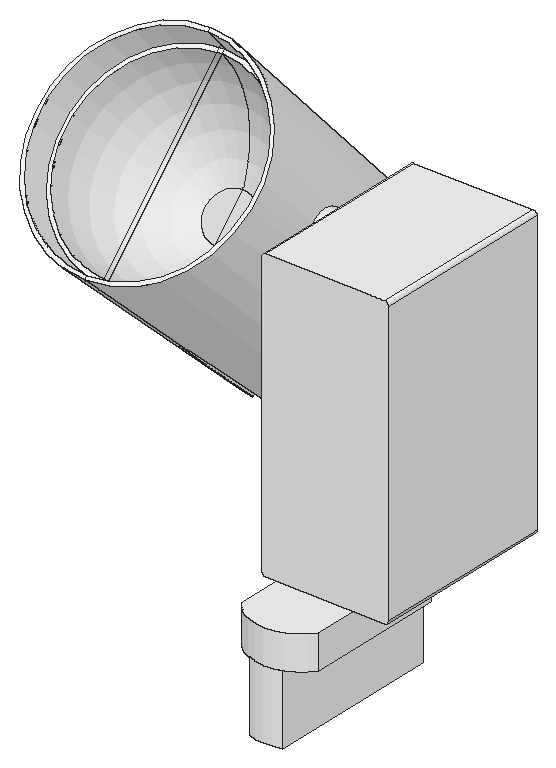
Revit family "0004825 Feilo Sylvania Lighting Fixture START TRACK SPOT S 14W 4K RA80 WB WHITE", category Lighting Fixtures, host Face, Revit 2017 (continued)
Definition of nested family "Start Track Spot Head"
  Types (96, lengths in mm): name | Wattage | built-in parameter 1150134 | Photometric Web File | Model | built-in parameter 1150105 | Lumens | built-in parameter 1150107 | built-in parameter 1150106 | HeadThickness_FEILO | HeadRibOffset_FEILO | HeadRibDepth_FEILO | HeadRibCutWidth_FEILO | HeadRibCutOffset_FEILO | HeadReflectorRadius_FEILO | HeadReflectorOffset_FEILO | HeadLEDRadius_FEILO | HeadHeight_FEILO | HeadDiffusorOffset_FEILO | HeadDiaOut_FEILO | HeadDiaIn_FEILO | HeadAxisFromTop_FEILO | Emit from Circle Diameter | built-in parameter 1150104 | Description | Apparent Load
    0004864 START TRACK SPOT S 24W 3K RA90 WB WHITE | 24 W | (empty or 0) | "0004864.ies" | "START TRACK SPOT S 24W 3K RA90 WB WHITE" | 152.79 (stored number, unit not read) | 1920 lm | 3000 (stored number, unit not read) | 1.5279 (stored number, unit not read) | 1.5 | 4.179 | 55.714 | 7.167 | 50.87 | 50.588 | 55.714 | 9.556 | 117 | 9.435 | 86 | 77.477 | 69.354 | 77.477 | 7.4322 (stored number, unit not read) | "Integrated LED spotlight, Textured White - RAL9016, compact and minimalist design, ideal for retail applications, die-cast aluminium body, passive cooling heatsink. Beam angle: 64°, color temperature: 3000K , total system power: 24W, total fixture output: 1928 lm, LOR: 100%, colour rendering: Ra: 90 typical, LED Chromaticity: 3 step MacAdam ellipse, lifetime: >50000 hours at L70B50, energy class: A++, A+, A, IR/UV free light source without heat radiation, operating voltage: 220-240V / 50-60Hz, drive current: 600mA, electronic driver, non-dimmable, power factor: 0.95, electrical protection: Class II, Global Track 3 Phase adapter suitable for Global trac 3-circuit tracks, ingress protection rating: IP20, suitable for internal environment only, horizontal rotation: 355°, vertical tilt: 90°, dimensions: Ø86x140x200, weight: 0.966kg." | 24 VA
    0004863 START TRACK SPOT S 24W 3K RA90 MB WHITE | 24 W | (empty or 0) | "0004863.ies" | "START TRACK SPOT S 24W 3K RA90 MB WHITE" | 154.7 (stored number, unit not read) | 1944 lm | 3000 (stored number, unit not read) | 1.547 (stored number, unit not read) | 1.5 | 4.179 | 55.714 | 7.167 | 50.87 | 50.588 | 55.714 | 9.556 | 117 | 9.435 | 86 | 77.477 | 69.354 | 77.477 | 7.5251 (stored number, unit not read) | "Integrated LED spotlight, Textured White - RAL9016, compact and minimalist design, ideal for retail applications, die-cast aluminium body, passive cooling heatsink. Beam angle: 36°, color temperature: 3000K , total system power: 24W, total fixture output: 1944 lm, LOR: 100%, colour rendering: Ra: 90 typical, LED Chromaticity: 3 step MacAdam ellipse, lifetime: >50000 hours at L70B50, energy class: A++, A+, A, IR/UV free light source without heat radiation, operating voltage: 220-240V / 50-60Hz, drive current: 600mA, electronic driver, non-dimmable, power factor: 0.95, electrical protection: Class II, Global Track 3 Phase adapter suitable for Global trac 3-circuit tracks, ingress protection rating: IP20, suitable for internal environment only, horizontal rotation: 355°, vertical tilt: 90°, dimensions: Ø86x140x200, weight: 0.966kg." | 24 VA
    0004862 START TRACK SPOT S 24W 3K RA90 NB WHITE | 24 W | (empty or 0) | "0004862.ies" | "START TRACK SPOT S 24W 3K RA90 NB WHITE" | 158.52 (stored number, unit not read) | 1992 lm | 3000 (stored number, unit not read) | 1.5852 (stored number, unit not read) | 1.5 | 4.179 | 55.714 | 7.167 | 50.87 | 50.588 | 55.714 | 9.556 | 117 | 9.435 | 86 | 77.477 | 69.354 | 77.477 | 7.711 (stored number, unit not read) | "Integrated LED spotlight, Textured White - RAL9016, compact and minimalist design, ideal for retail applications, die-cast aluminium body, passive cooling heatsink. Beam angle: 12°, color temperature: 3000K , total system power: 24W, total fixture output: 1987 lm, LOR: 100%, colour rendering: Ra: 90 typical, LED Chromaticity: 3 step MacAdam ellipse, lifetime: >50000 hours at L70B50, energy class: A++, A+, A, IR/UV free light source without heat radiation, operating voltage: 220-240V / 50-60Hz, drive current: 600mA, electronic driver, non-dimmable, power factor: 0.95, electrical protection: Class II, Global Track 3 Phase adapter suitable for Global trac 3-circuit tracks, ingress protection rating: IP20, suitable for internal environment only, horizontal rotation: 355°, vertical tilt: 90°, dimensions: Ø86x140x200, weight: 0.966kg." | 24 VA
    0004861 START TRACK SPOT S 14W 3K RA90 WB WHITE | 14 W | (empty or 0) | "0004861.ies" | "START TRACK SPOT S 14W 3K RA90 WB WHITE" | 100.27 (stored number, unit not read) | 1260 lm | 3000 (stored number, unit not read) | 1.0027 (stored number, unit not read) | 1.5 | 4.179 | 55.714 | 7.167 | 50.87 | 50.588 | 55.714 | 9.556 | 117 | 9.435 | 86 | 77.477 | 69.354 | 77.477 | 8.3613 (stored number, unit not read) | "Integrated LED spotlight, Textured White - RAL9016, compact and minimalist design, ideal for retail applications, die-cast aluminium body, passive cooling heatsink. Beam angle: 64°, color temperature: 3000K , total system power: 14W, total fixture output: 1262 lm, LOR: 100%, colour rendering: Ra: 90 typical, LED Chromaticity: 3 step MacAdam ellipse, lifetime: >50000 hours at L70B50, energy class: A++, A+, A, IR/UV free light source without heat radiation, operating voltage: 220-240V / 50-60Hz, drive current: 350mA, electronic driver, non-dimmable, power factor: 0.92, electrical protection: Class II, Global Track 3 Phase adapter suitable for Global trac 3-circuit tracks, ingress protection rating: IP20, suitable for internal environment only, horizontal rotation: 355°, vertical tilt: 90°, dimensions: Ø86x140x200, weight: 0.940kg." | 14 VA
    0004860 START TRACK SPOT S 14W 3K RA90 MB WHITE | 14 W | (empty or 0) | "0004860.ies" | "START TRACK SPOT S 14W 3K RA90 MB WHITE" | 100.27 (stored number, unit not read) | 1260 lm | 3000 (stored number, unit not read) | 1.0027 (stored number, unit not read) | 1.5 | 4.179 | 55.714 | 7.167 | 50.87 | 50.588 | 55.714 | 9.556 | 117 | 9.435 | 86 | 77.477 | 69.354 | 77.477 | 8.3613 (stored number, unit not read) | "Integrated LED spotlight, Textured White - RAL9016, compact and minimalist design, ideal for retail applications, die-cast aluminium body, passive cooling heatsink. Beam angle: 36°, color temperature: 3000K , total system power: 14W, total fixture output: 1262 lm, LOR: 100%, colour rendering: Ra: 90 typical, LED Chromaticity: 3 step MacAdam ellipse, lifetime: >50000 hours at L70B50, energy class: A++, A+, A, IR/UV free light source without heat radiation, operating voltage: 220-240V / 50-60Hz, drive current: 350mA, electronic driver, non-dimmable, power factor: 0.92, electrical protection: Class II, Global Track 3 Phase adapter suitable for Global trac 3-circuit tracks, ingress protection rating: IP20, suitable for internal environment only, horizontal rotation: 355°, vertical tilt: 90°, dimensions: Ø86x140x200, weight: 0.940kg." | 14 VA
    0004859 START TRACK SPOT S 14W 3K RA90 NB WHITE | 14 W | (empty or 0) | "0004859.ies" | "START TRACK SPOT S 14W 3K RA90 NB WHITE" | 102.5 (stored number, unit not read) | 1288 lm | 3000 (stored number, unit not read) | 1.025 (stored number, unit not read) | 1.5 | 4.179 | 55.714 | 7.167 | 50.87 | 50.588 | 55.714 | 9.556 | 117 | 9.435 | 86 | 77.477 | 69.354 | 77.477 | 8.5471 (stored number, unit not read) | "Integrated LED spotlight, Textured White - RAL9016, compact and minimalist design, ideal for retail applications, die-cast aluminium body, passive cooling heatsink. Beam angle: 12°, color temperature: 3000K , total system power: 14W, total fixture output: 1284 lm, LOR: 100%, colour rendering: Ra: 90 typical, LED Chromaticity: 3 step MacAdam ellipse, lifetime: >50000 hours at L70B50, energy class: A++, A+, A, IR/UV free light source without heat radiation, operating voltage: 220-240V / 50-60Hz, drive current: 350mA, electronic driver, non-dimmable, power factor: 0.92, electrical protection: Class II, Global Track 3 Phase adapter suitable for Global trac 3-circuit tracks, ingress protection rating: IP20, suitable for internal environment only, horizontal rotation: 355°, vertical tilt: 90°, dimensions: Ø86x140x200, weight: 0.940kg." | 14 VA
    0004858 START TRACK SPOT L 55W 4K RA80 WB BLACK | 55 W | 12 | "0004858.ies" | "START TRACK SPOT L 55W 4K RA80 WB BLACK" | 424.55 (stored number, unit not read) | 5335 lm | 4000 (stored number, unit not read) | 4.2455 (stored number, unit not read) | 2 | 4.429 | 59.048 | 9.417 | 53.913 | 66.471 | 59.048 | 12.556 | 124 | 10 | 113 | 101.802 | 73.503 | 101.802 | 9.0116 (stored number, unit not read) | "Integrated LED spotlight, Textured Black - RAL9005, compact and minimalist design, ideal for retail applications, die-cast aluminium body, passive cooling heatsink. Beam angle: 52°, color temperature: 4000K , total system power: 55W, total fixture output: 5320 lm, LOR: 100%, colour rendering: Ra: 80 typical, LED Chromaticity: 3 step MacAdam ellipse, lifetime: >50000 hours at L70B50, energy class: A++, A+, A, IR/UV free light source without heat radiation, operating voltage: 220-240V / 50-60Hz, drive current: 1400mA, electronic driver, non-dimmable, power factor: 0.96, electrical protection: Class II, Global Track 3 Phase adapter suitable for Global trac 3-circuit tracks, ingress protection rating: IP20, suitable for internal environment only, horizontal rotation: 355°, vertical tilt: 90°, dimensions: Ø113x164x240, weight: 1.398kg." | 55 VA
    0004857 START TRACK SPOT L 55W 4K RA80 MB BLACK | 55 W | 12 | "0004857.ies" | "START TRACK SPOT L 55W 4K RA80 MB BLACK" | 428.92 (stored number, unit not read) | 5390 lm | 4000 (stored number, unit not read) | 4.2892 (stored number, unit not read) | 2 | 4.429 | 59.048 | 9.417 | 53.913 | 66.471 | 59.048 | 12.556 | 124 | 10 | 113 | 101.802 | 73.503 | 101.802 | 9.1045 (stored number, unit not read) | "Integrated LED spotlight, Textured Black - RAL9005, compact and minimalist design, ideal for retail applications, die-cast aluminium body, passive cooling heatsink. Beam angle: 38°, color temperature: 4000K , total system power: 55W, total fixture output: 5378 lm, LOR: 100%, colour rendering: Ra: 80 typical, LED Chromaticity: 3 step MacAdam ellipse, lifetime: >50000 hours at L70B50, energy class: A++, A+, A, IR/UV free light source without heat radiation, operating voltage: 220-240V / 50-60Hz, drive current: 1400mA, electronic driver, non-dimmable, power factor: 0.96, electrical protection: Class II, Global Track 3 Phase adapter suitable for Global trac 3-circuit tracks, ingress protection rating: IP20, suitable for internal environment only, horizontal rotation: 355°, vertical tilt: 90°, dimensions: Ø113x164x240, weight: 1.398kg." | 55 VA
    0004856 START TRACK SPOT L 55W 4K RA80 NB BLACK | 55 W | 12 | "0004856.ies" | "START TRACK SPOT L 55W 4K RA80 NB BLACK" | 433.3 (stored number, unit not read) | 5445 lm | 4000 (stored number, unit not read) | 4.333 (stored number, unit not read) | 2 | 4.429 | 59.048 | 9.417 | 53.913 | 66.471 | 59.048 | 12.556 | 124 | 10 | 113 | 101.802 | 73.503 | 101.802 | 9.1974 (stored number, unit not read) | "Integrated LED spotlight, Textured Black - RAL9005, compact and minimalist design, ideal for retail applications, die-cast aluminium body, passive cooling heatsink. Beam angle: 15°, color temperature: 4000K , total system power: 55W, total fixture output: 5426 lm, LOR: 100%, colour rendering: Ra: 80 typical, LED Chromaticity: 3 step MacAdam ellipse, lifetime: >50000 hours at L70B50, energy class: A++, A+, A, IR/UV free light source without heat radiation, operating voltage: 220-240V / 50-60Hz, drive current: 1400mA, electronic driver, non-dimmable, power factor: 0.96, electrical protection: Class II, Global Track 3 Phase adapter suitable for Global trac 3-circuit tracks, ingress protection rating: IP20, suitable for internal environment only, horizontal rotation: 355°, vertical tilt: 90°, dimensions: Ø113x164x240, weight: 1.398kg." | 55 VA
    0004855 START TRACK SPOT L 35W 4K RA80 WB BLACK | 35 W | 12 | "0004855.ies" | "START TRACK SPOT L 35W 4K RA80 WB BLACK" | 320.3 (stored number, unit not read) | 4025 lm | 4000 (stored number, unit not read) | 3.203 (stored number, unit not read) | 2 | 4.429 | 59.048 | 9.417 | 53.913 | 66.471 | 59.048 | 12.556 | 124 | 10 | 113 | 101.802 | 73.503 | 101.802 | 10.684 (stored number, unit not read) | "Integrated LED spotlight, Textured Black - RAL9005, compact and minimalist design, ideal for retail applications, die-cast aluminium body, passive cooling heatsink. Beam angle: 52°, color temperature: 4000K , total system power: 35W, total fixture output: 4010 lm, LOR: 100%, colour rendering: Ra: 80 typical, LED Chromaticity: 3 step MacAdam ellipse, lifetime: >50000 hours at L70B50, energy class: A++, A+, A, IR/UV free light source without heat radiation, operating voltage: 220-240V / 50-60Hz, drive current: 900mA, electronic driver, non-dimmable, power factor: 0.93, electrical protection: Class II, Global Track 3 Phase adapter suitable for Global trac 3-circuit tracks, ingress protection rating: IP20, suitable for internal environment only, horizontal rotation: 355°, vertical tilt: 90°, dimensions: Ø113x164x240, weight: 1.368kg." | 35 VA
    0004854 START TRACK SPOT L 35W 4K RA80 MB BLACK | 35 W | 12 | "0004854.ies" | "START TRACK SPOT L 35W 4K RA80 MB BLACK" | 320.3 (stored number, unit not read) | 4025 lm | 4000 (stored number, unit not read) | 3.203 (stored number, unit not read) | 2 | 4.429 | 59.048 | 9.417 | 53.913 | 66.471 | 59.048 | 12.556 | 124 | 10 | 113 | 101.802 | 73.503 | 101.802 | 10.684 (stored number, unit not read) | "Integrated LED spotlight, Textured Black - RAL9005, compact and minimalist design, ideal for retail applications, die-cast aluminium body, passive cooling heatsink. Beam angle: 38°, color temperature: 4000K , total system power: 35W, total fixture output: 4017 lm, LOR: 100%, colour rendering: Ra: 80 typical, LED Chromaticity: 3 step MacAdam ellipse, lifetime: >50000 hours at L70B50, energy class: A++, A+, A, IR/UV free light source without heat radiation, operating voltage: 220-240V / 50-60Hz, drive current: 900mA, electronic driver, non-dimmable, power factor: 0.93, electrical protection: Class II, Global Track 3 Phase adapter suitable for Global trac 3-circuit tracks, ingress protection rating: IP20, suitable for internal environment only, horizontal rotation: 355°, vertical tilt: 90°, dimensions: Ø113x164x240, weight: 1.368kg." | 35 VA
    0004853 START TRACK SPOT L 35W 4K RA80 NB BLACK | 35 W | 12 | "0004853.ies" | "START TRACK SPOT L 35W 4K RA80 NB BLACK" | 331.44 (stored number, unit not read) | 4165 lm | 4000 (stored number, unit not read) | 3.3144 (stored number, unit not read) | 2 | 4.429 | 59.048 | 9.417 | 53.913 | 66.471 | 59.048 | 12.556 | 124 | 10 | 113 | 101.802 | 73.503 | 101.802 | 11.055 (stored number, unit not read) | "Integrated LED spotlight, Textured Black - RAL9005, compact and minimalist design, ideal for retail applications, die-cast aluminium body, passive cooling heatsink. Beam angle: 15°, color temperature: 4000K , total system power: 35W, total fixture output: 4174 lm, LOR: 100%, colour rendering: Ra: 80 typical, LED Chromaticity: 3 step MacAdam ellipse, lifetime: >50000 hours at L70B50, energy class: A++, A+, A, IR/UV free light source without heat radiation, operating voltage: 220-240V / 50-60Hz, drive current: 900mA, electronic driver, non-dimmable, power factor: 0.93, electrical protection: Class II, Global Track 3 Phase adapter suitable for Global trac 3-circuit tracks, ingress protection rating: IP20, suitable for internal environment only, horizontal rotation: 355°, vertical tilt: 90°, dimensions: Ø113x164x240, weight: 1.368kg." | 35 VA
    0004852 START TRACK SPOT S 24W 4K RA80 WB BLACK | 24 W | 12 | "0004852.ies" | "START TRACK SPOT S 24W 4K RA80 WB BLACK" | 196.72 (stored number, unit not read) | 2472 lm | 4000 (stored number, unit not read) | 1.9672 (stored number, unit not read) | 1.5 | 4.179 | 55.714 | 7.167 | 50.87 | 50.588 | 55.714 | 9.556 | 117 | 9.435 | 86 | 77.477 | 69.354 | 77.477 | 9.569 (stored number, unit not read) | "Integrated LED spotlight, Textured Black - RAL9005, compact and minimalist design, ideal for retail applications, die-cast aluminium body, passive cooling heatsink. Beam angle: 64°, color temperature: 4000K , total system power: 24W, total fixture output: 2476 lm, LOR: 100%, colour rendering: Ra: 80 typical, LED Chromaticity: 3 step MacAdam ellipse, lifetime: >50000 hours at L70B50, energy class: A++, A+, A, IR/UV free light source without heat radiation, operating voltage: 220-240V / 50-60Hz, drive current: 600mA, electronic driver, non-dimmable, power factor: 0.95, electrical protection: Class II, Global Track 3 Phase adapter suitable for Global trac 3-circuit tracks, ingress protection rating: IP20, suitable for internal environment only, horizontal rotation: 355°, vertical tilt: 90°, dimensions: Ø86x140x200, weight: 0.966kg." | 24 VA
    0004851 START TRACK SPOT S 24W 4K RA80 MB BLACK | 24 W | 12 | "0004851.ies" | "START TRACK SPOT S 24W 4K RA80 MB BLACK" | 198.63 (stored number, unit not read) | 2496 lm | 4000 (stored number, unit not read) | 1.9863 (stored number, unit not read) | 1.5 | 4.179 | 55.714 | 7.167 | 50.87 | 50.588 | 55.714 | 9.556 | 117 | 9.435 | 86 | 77.477 | 69.354 | 77.477 | 9.6619 (stored number, unit not read) | "Integrated LED spotlight, Textured Black - RAL9005, compact and minimalist design, ideal for retail applications, die-cast aluminium body, passive cooling heatsink. Beam angle: 36°, color temperature: 4000K , total system power: 24W, total fixture output: 2487 lm, LOR: 100%, colour rendering: Ra: 80 typical, LED Chromaticity: 3 step MacAdam ellipse, lifetime: >50000 hours at L70B50, energy class: A++, A+, A, IR/UV free light source without heat radiation, operating voltage: 220-240V / 50-60Hz, drive current: 600mA, electronic driver, non-dimmable, power factor: 0.95, electrical protection: Class II, Global Track 3 Phase adapter suitable for Global trac 3-circuit tracks, ingress protection rating: IP20, suitable for internal environment only, horizontal rotation: 355°, vertical tilt: 90°, dimensions: Ø86x140x200, weight: 0.966kg." | 24 VA
    0004850 START TRACK SPOT S 24W 4K RA80 NB BLACK | 24 W | 12 | "0004850.ies" | "START TRACK SPOT S 24W 4K RA80 NB BLACK" | 200.54 (stored number, unit not read) | 2520 lm | 4000 (stored number, unit not read) | 2.0054 (stored number, unit not read) | 1.5 | 4.179 | 55.714 | 7.167 | 50.87 | 50.588 | 55.714 | 9.556 | 117 | 9.435 | 86 | 77.477 | 69.354 | 77.477 | 9.7548 (stored number, unit not read) | "Integrated LED spotlight, Textured Black - RAL9005, compact and minimalist design, ideal for retail applications, die-cast aluminium body, passive cooling heatsink. Beam angle: 12°, color temperature: 4000K , total system power: 24W, total fixture output: 2529 lm, LOR: 100%, colour rendering: Ra: 80 typical, LED Chromaticity: 3 step MacAdam ellipse, lifetime: >50000 hours at L70B50, energy class: A++, A+, A, IR/UV free light source without heat radiation, operating voltage: 220-240V / 50-60Hz, drive current: 600mA, electronic driver, non-dimmable, power factor: 0.95, electrical protection: Class II, Global Track 3 Phase adapter suitable for Global trac 3-circuit tracks, ingress protection rating: IP20, suitable for internal environment only, horizontal rotation: 355°, vertical tilt: 90°, dimensions: Ø86x140x200, weight: 0.966kg." | 24 VA
    0004849 START TRACK SPOT S 14W 4K RA80 WB BLACK | 14 W | 12 | "0004849.ies" | "START TRACK SPOT S 14W 4K RA80 WB BLACK" | 123.66 (stored number, unit not read) | 1554 lm | 4000 (stored number, unit not read) | 1.2366 (stored number, unit not read) | 1.5 | 4.179 | 55.714 | 7.167 | 50.87 | 50.588 | 55.714 | 9.556 | 117 | 9.435 | 86 | 77.477 | 69.354 | 77.477 | 10.312 (stored number, unit not read) | "Integrated LED spotlight, Textured Black - RAL9005, compact and minimalist design, ideal for retail applications, die-cast aluminium body, passive cooling heatsink. Beam angle: 64°, color temperature: 4000K , total system power: 14W, total fixture output: 1558 lm, LOR: 100%, colour rendering: Ra: 80 typical, LED Chromaticity: 3 step MacAdam ellipse, lifetime: >50000 hours at L70B50, energy class: A++, A+, A, IR/UV free light source without heat radiation, operating voltage: 220-240V / 50-60Hz, drive current: 350mA, electronic driver, non-dimmable, power factor: 0.92, electrical protection: Class II, Global Track 3 Phase adapter suitable for Global trac 3-circuit tracks, ingress protection rating: IP20, suitable for internal environment only, horizontal rotation: 355°, vertical tilt: 90°, dimensions: Ø86x140x200, weight: 0.940kg." | 14 VA
    0004848 START TRACK SPOT S 14W 4K RA80 MB BLACK | 14 W | 12 | "0004848.ies" | "START TRACK SPOT S 14W 4K RA80 MB BLACK" | 127.01 (stored number, unit not read) | 1596 lm | 4000 (stored number, unit not read) | 1.2701 (stored number, unit not read) | 1.5 | 4.179 | 55.714 | 7.167 | 50.87 | 50.588 | 55.714 | 9.556 | 117 | 9.435 | 86 | 77.477 | 69.354 | 77.477 | 10.591 (stored number, unit not read) | "Integrated LED spotlight, Textured Black - RAL9005, compact and minimalist design, ideal for retail applications, die-cast aluminium body, passive cooling heatsink. Beam angle: 36°, color temperature: 4000K , total system power: 14W, total fixture output: 1598 lm, LOR: 100%, colour rendering: Ra: 80 typical, LED Chromaticity: 3 step MacAdam ellipse, lifetime: >50000 hours at L70B50, energy class: A++, A+, A, IR/UV free light source without heat radiation, operating voltage: 220-240V / 50-60Hz, drive current: 350mA, electronic driver, non-dimmable, power factor: 0.92, electrical protection: Class II, Global Track 3 Phase adapter suitable for Global trac 3-circuit tracks, ingress protection rating: IP20, suitable for internal environment only, horizontal rotation: 355°, vertical tilt: 90°, dimensions: Ø86x140x200, weight: 0.940kg." | 14 VA
    0004847 START TRACK SPOT S 14W 4K RA80 NB BLACK | 14 W | 12 | "0004847.ies" | "START TRACK SPOT S 14W 4K RA80 NB BLACK" | 128.12 (stored number, unit not read) | 1610 lm | 4000 (stored number, unit not read) | 1.2812 (stored number, unit not read) | 1.5 | 4.179 | 55.714 | 7.167 | 50.87 | 50.588 | 55.714 | 9.556 | 117 | 9.435 | 86 | 77.477 | 69.354 | 77.477 | 10.684 (stored number, unit not read) | "Integrated LED spotlight, Textured Black - RAL9005, compact and minimalist design, ideal for retail applications, die-cast aluminium body, passive cooling heatsink. Beam angle: 12°, color temperature: 4000K , total system power: 14W, total fixture output: 1608 lm, LOR: 100%, colour rendering: Ra: 80 typical, LED Chromaticity: 3 step MacAdam ellipse, lifetime: >50000 hours at L70B50, energy class: A++, A+, A, IR/UV free light source without heat radiation, operating voltage: 220-240V / 50-60Hz, drive current: 350mA, electronic driver, non-dimmable, power factor: 0.92, electrical protection: Class II, Global Track 3 Phase adapter suitable for Global trac 3-circuit tracks, ingress protection rating: IP20, suitable for internal environment only, horizontal rotation: 355°, vertical tilt: 90°, dimensions: Ø86x140x200, weight: 0.940kg." | 14 VA
    0004846 START TRACK SPOT L 55W 3K RA80 WB BLACK | 55 W | (empty or 0) | "0004846.ies" | "START TRACK SPOT L 55W 3K RA80 WB BLACK" | 420.17 (stored number, unit not read) | 5280 lm | 3000 (stored number, unit not read) | 4.2017 (stored number, unit not read) | 2 | 4.429 | 59.048 | 9.417 | 53.913 | 66.471 | 59.048 | 12.556 | 124 | 10 | 113 | 101.802 | 73.503 | 101.802 | 8.9187 (stored number, unit not read) | "Integrated LED spotlight, Textured Black - RAL9005, compact and minimalist design, ideal for retail applications, die-cast aluminium body, passive cooling heatsink. Beam angle: 52°, color temperature: 3000K , total system power: 55W, total fixture output: 5298 lm, LOR: 100%, colour rendering: Ra: 80 typical, LED Chromaticity: 3 step MacAdam ellipse, lifetime: >50000 hours at L70B50, energy class: A++, A+, A, IR/UV free light source without heat radiation, operating voltage: 220-240V / 50-60Hz, drive current: 1400mA, electronic driver, non-dimmable, power factor: 0.96, electrical protection: Class II, Global Track 3 Phase adapter suitable for Global trac 3-circuit tracks, ingress protection rating: IP20, suitable for internal environment only, horizontal rotation: 355°, vertical tilt: 90°, dimensions: Ø113x164x240, weight: 1.398kg." | 55 VA
    0004845 START TRACK SPOT L 55W 3K RA80 MB BLACK | 55 W | (empty or 0) | "0004845.ies" | "START TRACK SPOT L 55W 3K RA80 MB BLACK" | 428.92 (stored number, unit not read) | 5390 lm | 3000 (stored number, unit not read) | 4.2892 (stored number, unit not read) | 2 | 4.429 | 59.048 | 9.417 | 53.913 | 66.471 | 59.048 | 12.556 | 124 | 10 | 113 | 101.802 | 73.503 | 101.802 | 9.1045 (stored number, unit not read) | "Integrated LED spotlight, Textured Black - RAL9005, compact and minimalist design, ideal for retail applications, die-cast aluminium body, passive cooling heatsink. Beam angle: 38°, color temperature: 3000K , total system power: 55W, total fixture output: 5381 lm, LOR: 100%, colour rendering: Ra: 80 typical, LED Chromaticity: 3 step MacAdam ellipse, lifetime: >50000 hours at L70B50, energy class: A++, A+, A, IR/UV free light source without heat radiation, operating voltage: 220-240V / 50-60Hz, drive current: 1400mA, electronic driver, non-dimmable, power factor: 0.96, electrical protection: Class II, Global Track 3 Phase adapter suitable for Global trac 3-circuit tracks, ingress protection rating: IP20, suitable for internal environment only, horizontal rotation: 355°, vertical tilt: 90°, dimensions: Ø113x164x240, weight: 1.398kg." | 55 VA
    0004844 START TRACK SPOT L 55W 3K RA80 NB BLACK | 55 W | (empty or 0) | "0004844.ies" | "START TRACK SPOT L 55W 3K RA80 NB BLACK" | 433.3 (stored number, unit not read) | 5445 lm | 3000 (stored number, unit not read) | 4.333 (stored number, unit not read) | 2 | 4.429 | 59.048 | 9.417 | 53.913 | 66.471 | 59.048 | 12.556 | 124 | 10 | 113 | 101.802 | 73.503 | 101.802 | 9.1974 (stored number, unit not read) | "Integrated LED spotlight, Textured Black - RAL9005, compact and minimalist design, ideal for retail applications, die-cast aluminium body, passive cooling heatsink. Beam angle: 15°, color temperature: 3000K , total system power: 55W, total fixture output: 5449 lm, LOR: 100%, colour rendering: Ra: 80 typical, LED Chromaticity: 3 step MacAdam ellipse, lifetime: >50000 hours at L70B50, energy class: A++, A+, A, IR/UV free light source without heat radiation, operating voltage: 220-240V / 50-60Hz, drive current: 1400mA, electronic driver, non-dimmable, power factor: 0.96, electrical protection: Class II, Global Track 3 Phase adapter suitable for Global trac 3-circuit tracks, ingress protection rating: IP20, suitable for internal environment only, horizontal rotation: 355°, vertical tilt: 90°, dimensions: Ø113x164x240, weight: 1.398kg." | 55 VA
    0004843 START TRACK SPOT L 35W 3K RA80 WB BLACK | 35 W | (empty or 0) | "0004843.ies" | "START TRACK SPOT L 35W 3K RA80 WB BLACK" | 314.73 (stored number, unit not read) | 3955 lm | 3000 (stored number, unit not read) | 3.1473 (stored number, unit not read) | 2 | 4.429 | 59.048 | 9.417 | 53.913 | 66.471 | 59.048 | 12.556 | 124 | 10 | 113 | 101.802 | 73.503 | 101.802 | 10.498 (stored number, unit not read) | "Integrated LED spotlight, Textured Black - RAL9005, compact and minimalist design, ideal for retail applications, die-cast aluminium body, passive cooling heatsink. Beam angle: 52°, color temperature: 3000K , total system power: 35W, total fixture output: 3943 lm, LOR: 100%, colour rendering: Ra: 80 typical, LED Chromaticity: 3 step MacAdam ellipse, lifetime: >50000 hours at L70B50, energy class: A++, A+, A, IR/UV free light source without heat radiation, operating voltage: 220-240V / 50-60Hz, drive current: 900mA, electronic driver, non-dimmable, power factor: 0.93, electrical protection: Class II, Global Track 3 Phase adapter suitable for Global trac 3-circuit tracks, ingress protection rating: IP20, suitable for internal environment only, horizontal rotation: 355°, vertical tilt: 90°, dimensions: Ø113x164x240, weight: 1.368kg." | 35 VA
    0004842 START TRACK SPOT L 35W 3K RA80 MB BLACK | 35 W | (empty or 0) | "0004842.ies" | "START TRACK SPOT L 35W 3K RA80 MB BLACK" | 320.3 (stored number, unit not read) | 4025 lm | 3000 (stored number, unit not read) | 3.203 (stored number, unit not read) | 2 | 4.429 | 59.048 | 9.417 | 53.913 | 66.471 | 59.048 | 12.556 | 124 | 10 | 113 | 101.802 | 73.503 | 101.802 | 10.684 (stored number, unit not read) | "Integrated LED spotlight, Textured Black - RAL9005, compact and minimalist design, ideal for retail applications, die-cast aluminium body, passive cooling heatsink. Beam angle: 38°, color temperature: 3000K , total system power: 35W, total fixture output: 4008 lm, LOR: 100%, colour rendering: Ra: 80 typical, LED Chromaticity: 3 step MacAdam ellipse, lifetime: >50000 hours at L70B50, energy class: A++, A+, A, IR/UV free light source without heat radiation, operating voltage: 220-240V / 50-60Hz, drive current: 900mA, electronic driver, non-dimmable, power factor: 0.93, electrical protection: Class II, Global Track 3 Phase adapter suitable for Global trac 3-circuit tracks, ingress protection rating: IP20, suitable for internal environment only, horizontal rotation: 355°, vertical tilt: 90°, dimensions: Ø113x164x240, weight: 1.368kg." | 35 VA
    0004841 START TRACK SPOT L 35W 3K RA80 NB BLACK | 35 W | (empty or 0) | "0004841.ies" | "START TRACK SPOT L 35W 3K RA80 NB BLACK" | 317.51 (stored number, unit not read) | 3990 lm | 3000 (stored number, unit not read) | 3.1751 (stored number, unit not read) | 2 | 4.429 | 59.048 | 9.417 | 53.913 | 66.471 | 59.048 | 12.556 | 124 | 10 | 113 | 101.802 | 73.503 | 101.802 | 10.591 (stored number, unit not read) | "Integrated LED spotlight, Textured Black - RAL9005, compact and minimalist design, ideal for retail applications, die-cast aluminium body, passive cooling heatsink. Beam angle: 15°, color temperature: 3000K , total system power: 35W, total fixture output: 4005 lm, LOR: 100%, colour rendering: Ra: 80 typical, LED Chromaticity: 3 step MacAdam ellipse, lifetime: >50000 hours at L70B50, energy class: A++, A+, A, IR/UV free light source without heat radiation, operating voltage: 220-240V / 50-60Hz, drive current: 900mA, electronic driver, non-dimmable, power factor: 0.93, electrical protection: Class II, Global Track 3 Phase adapter suitable for Global trac 3-circuit tracks, ingress protection rating: IP20, suitable for internal environment only, horizontal rotation: 355°, vertical tilt: 90°, dimensions: Ø113x164x240, weight: 1.368kg." | 35 VA
    0004840 START TRACK SPOT S 24W 3K RA80 WB BLACK | 24 W | (empty or 0) | "0004840.ies" | "START TRACK SPOT S 24W 3K RA80 WB BLACK" | 185.26 (stored number, unit not read) | 2328 lm | 3000 (stored number, unit not read) | 1.8526 (stored number, unit not read) | 1.5 | 4.179 | 55.714 | 7.167 | 50.87 | 50.588 | 55.714 | 9.556 | 117 | 9.435 | 86 | 77.477 | 69.354 | 77.477 | 9.0116 (stored number, unit not read) | "Integrated LED spotlight, Textured Black - RAL9005, compact and minimalist design, ideal for retail applications, die-cast aluminium body, passive cooling heatsink. Beam angle: 64°, color temperature: 3000K , total system power: 24W, total fixture output: 2318 lm, LOR: 100%, colour rendering: Ra: 80 typical, LED Chromaticity: 3 step MacAdam ellipse, lifetime: >50000 hours at L70B50, energy class: A++, A+, A, IR/UV free light source without heat radiation, operating voltage: 220-240V / 50-60Hz, drive current: 600mA, electronic driver, non-dimmable, power factor: 0.95, electrical protection: Class II, Global Track 3 Phase adapter suitable for Global trac 3-circuit tracks, ingress protection rating: IP20, suitable for internal environment only, horizontal rotation: 355°, vertical tilt: 90°, dimensions: Ø86x140x200, weight: 0.966kg." | 24 VA
    0004839 START TRACK SPOT S 24W 3K RA80 MB BLACK | 24 W | (empty or 0) | "0004839.ies" | "START TRACK SPOT S 24W 3K RA80 MB BLACK" | 183.35 (stored number, unit not read) | 2304 lm | 3000 (stored number, unit not read) | 1.8335 (stored number, unit not read) | 1.5 | 4.179 | 55.714 | 7.167 | 50.87 | 50.588 | 55.714 | 9.556 | 117 | 9.435 | 86 | 77.477 | 69.354 | 77.477 | 8.9187 (stored number, unit not read) | "Integrated LED spotlight, Textured Black - RAL9005, compact and minimalist design, ideal for retail applications, die-cast aluminium body, passive cooling heatsink. Beam angle: 36°, color temperature: 3000K , total system power: 24W, total fixture output: 2314 lm, LOR: 100%, colour rendering: Ra: 80 typical, LED Chromaticity: 3 step MacAdam ellipse, lifetime: >50000 hours at L70B50, energy class: A++, A+, A, IR/UV free light source without heat radiation, operating voltage: 220-240V / 50-60Hz, drive current: 600mA, electronic driver, non-dimmable, power factor: 0.95, electrical protection: Class II, Global Track 3 Phase adapter suitable for Global trac 3-circuit tracks, ingress protection rating: IP20, suitable for internal environment only, horizontal rotation: 355°, vertical tilt: 90°, dimensions: Ø86x140x200, weight: 0.966kg." | 24 VA
    0004838 START TRACK SPOT S 24W 3K RA80 NB BLACK | 24 W | (empty or 0) | "0004838.ies" | "START TRACK SPOT S 24W 3K RA80 NB BLACK" | 185.26 (stored number, unit not read) | 2328 lm | 3000 (stored number, unit not read) | 1.8526 (stored number, unit not read) | 1.5 | 4.179 | 55.714 | 7.167 | 50.87 | 50.588 | 55.714 | 9.556 | 117 | 9.435 | 86 | 77.477 | 69.354 | 77.477 | 9.0116 (stored number, unit not read) | "Integrated LED spotlight, Textured Black - RAL9005, compact and minimalist design, ideal for retail applications, die-cast aluminium body, passive cooling heatsink. Beam angle: 12°, color temperature: 3000K , total system power: 24W, total fixture output: 2334 lm, LOR: 100%, colour rendering: Ra: 80 typical, LED Chromaticity: 3 step MacAdam ellipse, lifetime: >50000 hours at L70B50, energy class: A++, A+, A, IR/UV free light source without heat radiation, operating voltage: 220-240V / 50-60Hz, drive current: 600mA, electronic driver, non-dimmable, power factor: 0.95, electrical protection: Class II, Global Track 3 Phase adapter suitable for Global trac 3-circuit tracks, ingress protection rating: IP20, suitable for internal environment only, horizontal rotation: 355°, vertical tilt: 90°, dimensions: Ø86x140x200, weight: 0.966kg." | 24 VA
    0004837 START TRACK SPOT S 14W 3K RA80 WB BLACK | 14 W | (empty or 0) | "0004837.ies" | "START TRACK SPOT S 14W 3K RA80 WB BLACK" | 119.21 (stored number, unit not read) | 1498 lm | 3000 (stored number, unit not read) | 1.1921 (stored number, unit not read) | 1.5 | 4.179 | 55.714 | 7.167 | 50.87 | 50.588 | 55.714 | 9.556 | 117 | 9.435 | 86 | 77.477 | 69.354 | 77.477 | 9.9406 (stored number, unit not read) | "Integrated LED spotlight, Textured Black - RAL9005, compact and minimalist design, ideal for retail applications, die-cast aluminium body, passive cooling heatsink. Beam angle: 64°, color temperature: 3000K , total system power: 14W, total fixture output: 1498 lm, LOR: 100%, colour rendering: Ra: 80 typical, LED Chromaticity: 3 step MacAdam ellipse, lifetime: >50000 hours at L70B50, energy class: A++, A+, A, IR/UV free light source without heat radiation, operating voltage: 220-240V / 50-60Hz, drive current: 350mA, electronic driver, non-dimmable, power factor: 0.92, electrical protection: Class II, Global Track 3 Phase adapter suitable for Global trac 3-circuit tracks, ingress protection rating: IP20, suitable for internal environment only, horizontal rotation: 355°, vertical tilt: 90°, dimensions: Ø86x140x200, weight: 0.940kg." | 14 VA
    0004836 START TRACK SPOT S 14W 3K RA80 MB BLACK | 14 W | (empty or 0) | "0004836.ies" | "START TRACK SPOT S 14W 3K RA80 MB BLACK" | 120.32 (stored number, unit not read) | 1512 lm | 3000 (stored number, unit not read) | 1.2032 (stored number, unit not read) | 1.5 | 4.179 | 55.714 | 7.167 | 50.87 | 50.588 | 55.714 | 9.556 | 117 | 9.435 | 86 | 77.477 | 69.354 | 77.477 | 10.034 (stored number, unit not read) | "Integrated LED spotlight, Textured Black - RAL9005, compact and minimalist design, ideal for retail applications, die-cast aluminium body, passive cooling heatsink. Beam angle: 36°, color temperature: 3000K , total system power: 14W, total fixture output: 1508 lm, LOR: 100%, colour rendering: Ra: 80 typical, LED Chromaticity: 3 step MacAdam ellipse, lifetime: >50000 hours at L70B50, energy class: A++, A+, A, IR/UV free light source without heat radiation, operating voltage: 220-240V / 50-60Hz, drive current: 350mA, electronic driver, non-dimmable, power factor: 0.92, electrical protection: Class II, Global Track 3 Phase adapter suitable for Global trac 3-circuit tracks, ingress protection rating: IP20, suitable for internal environment only, horizontal rotation: 355°, vertical tilt: 90°, dimensions: Ø86x140x200, weight: 0.940kg." | 14 VA
    0004835 START TRACK SPOT S 14W 3K RA80 NB BLACK | 14 W | (empty or 0) | "0004835.ies" | "START TRACK SPOT S 14W 3K RA80 NB BLACK" | 123.66 (stored number, unit not read) | 1554 lm | 3000 (stored number, unit not read) | 1.2366 (stored number, unit not read) | 1.5 | 4.179 | 55.714 | 7.167 | 50.87 | 50.588 | 55.714 | 9.556 | 117 | 9.435 | 86 | 77.477 | 69.354 | 77.477 | 10.312 (stored number, unit not read) | "Integrated LED spotlight, Textured Black - RAL9005, compact and minimalist design, ideal for retail applications, die-cast aluminium body, passive cooling heatsink. Beam angle: 12°, color temperature: 3000K , total system power: 14W, total fixture output: 1551 lm, LOR: 100%, colour rendering: Ra: 80 typical, LED Chromaticity: 3 step MacAdam ellipse, lifetime: >50000 hours at L70B50, energy class: A++, A+, A, IR/UV free light source without heat radiation, operating voltage: 220-240V / 50-60Hz, drive current: 350mA, electronic driver, non-dimmable, power factor: 0.92, electrical protection: Class II, Global Track 3 Phase adapter suitable for Global trac 3-circuit tracks, ingress protection rating: IP20, suitable for internal environment only, horizontal rotation: 355°, vertical tilt: 90°, dimensions: Ø86x140x200, weight: 0.940kg." | 14 VA
    0004834 START TRACK SPOT L 55W 4K RA80 WB WHITE | 55 W | 12 | "0004834.ies" | "START TRACK SPOT L 55W 4K RA80 WB WHITE" | 424.55 (stored number, unit not read) | 5335 lm | 4000 (stored number, unit not read) | 4.2455 (stored number, unit not read) | 2 | 4.429 | 59.048 | 9.417 | 53.913 | 66.471 | 59.048 | 12.556 | 124 | 10 | 113 | 101.802 | 73.503 | 101.802 | 9.0116 (stored number, unit not read) | "Integrated LED spotlight, Textured White - RAL9016, compact and minimalist design, ideal for retail applications, die-cast aluminium body, passive cooling heatsink. Beam angle: 52°, color temperature: 4000K , total system power: 55W, total fixture output: 5320 lm, LOR: 100%, colour rendering: Ra: 80 typical, LED Chromaticity: 3 step MacAdam ellipse, lifetime: >50000 hours at L70B50, energy class: A++, A+, A, IR/UV free light source without heat radiation, operating voltage: 220-240V / 50-60Hz, drive current: 1400mA, electronic driver, non-dimmable, power factor: 0.96, electrical protection: Class II, Global Track 3 Phase adapter suitable for Global trac 3-circuit tracks, ingress protection rating: IP20, suitable for internal environment only, horizontal rotation: 355°, vertical tilt: 90°, dimensions: Ø113x164x240, weight: 1.398kg." | 55 VA
    0004833 START TRACK SPOT L 55W 4K RA80 MB WHITE | 55 W | 12 | "0004833.ies" | "START TRACK SPOT L 55W 4K RA80 MB WHITE" | 428.92 (stored number, unit not read) | 5390 lm | 4000 (stored number, unit not read) | 4.2892 (stored number, unit not read) | 2 | 4.429 | 59.048 | 9.417 | 53.913 | 66.471 | 59.048 | 12.556 | 124 | 10 | 113 | 101.802 | 73.503 | 101.802 | 9.1045 (stored number, unit not read) | "Integrated LED spotlight, Textured White - RAL9016, compact and minimalist design, ideal for retail applications, die-cast aluminium body, passive cooling heatsink. Beam angle: 38°, color temperature: 4000K , total system power: 55W, total fixture output: 5378 lm, LOR: 100%, colour rendering: Ra: 80 typical, LED Chromaticity: 3 step MacAdam ellipse, lifetime: >50000 hours at L70B50, energy class: A++, A+, A, IR/UV free light source without heat radiation, operating voltage: 220-240V / 50-60Hz, drive current: 1400mA, electronic driver, non-dimmable, power factor: 0.96, electrical protection: Class II, Global Track 3 Phase adapter suitable for Global trac 3-circuit tracks, ingress protection rating: IP20, suitable for internal environment only, horizontal rotation: 355°, vertical tilt: 90°, dimensions: Ø113x164x240, weight: 1.398kg." | 55 VA
    0004832 START TRACK SPOT L 55W 4K RA80 NB WHITE | 55 W | 12 | "0004832.ies" | "START TRACK SPOT L 55W 4K RA80 NB WHITE" | 433.3 (stored number, unit not read) | 5445 lm | 4000 (stored number, unit not read) | 4.333 (stored number, unit not read) | 2 | 4.429 | 59.048 | 9.417 | 53.913 | 66.471 | 59.048 | 12.556 | 124 | 10 | 113 | 101.802 | 73.503 | 101.802 | 9.1974 (stored number, unit not read) | "Integrated LED spotlight, Textured White - RAL9016, compact and minimalist design, ideal for retail applications, die-cast aluminium body, passive cooling heatsink. Beam angle: 15°, color temperature: 4000K , total system power: 55W, total fixture output: 5426 lm, LOR: 100%, colour rendering: Ra: 80 typical, LED Chromaticity: 3 step MacAdam ellipse, lifetime: >50000 hours at L70B50, energy class: A++, A+, A, IR/UV free light source without heat radiation, operating voltage: 220-240V / 50-60Hz, drive current: 1400mA, electronic driver, non-dimmable, power factor: 0.96, electrical protection: Class II, Global Track 3 Phase adapter suitable for Global trac 3-circuit tracks, ingress protection rating: IP20, suitable for internal environment only, horizontal rotation: 355°, vertical tilt: 90°, dimensions: Ø113x164x240, weight: 1.398kg." | 55 VA
    0004831 START TRACK SPOT L 35W 4K RA80 WB WHITE | 35 W | 12 | "0004831.ies" | "START TRACK SPOT L 35W 4K RA80 WB WHITE" | 320.3 (stored number, unit not read) | 4025 lm | 4000 (stored number, unit not read) | 3.203 (stored number, unit not read) | 2 | 4.429 | 59.048 | 9.417 | 53.913 | 66.471 | 59.048 | 12.556 | 124 | 10 | 113 | 101.802 | 73.503 | 101.802 | 10.684 (stored number, unit not read) | "Integrated LED spotlight, Textured White - RAL9016, compact and minimalist design, ideal for retail applications, die-cast aluminium body, passive cooling heatsink. Beam angle: 52°, color temperature: 4000K , total system power: 35W, total fixture output: 4010 lm, LOR: 100%, colour rendering: Ra: 80 typical, LED Chromaticity: 3 step MacAdam ellipse, lifetime: >50000 hours at L70B50, energy class: A++, A+, A, IR/UV free light source without heat radiation, operating voltage: 220-240V / 50-60Hz, drive current: 900mA, electronic driver, non-dimmable, power factor: 0.93, electrical protection: Class II, Global Track 3 Phase adapter suitable for Global trac 3-circuit tracks, ingress protection rating: IP20, suitable for internal environment only, horizontal rotation: 355°, vertical tilt: 90°, dimensions: Ø113x164x240, weight: 1.368kg." | 35 VA
    0004830 START TRACK SPOT L 35W 4K RA80 MB WHITE | 35 W | 12 | "0004830.ies" | "START TRACK SPOT L 35W 4K RA80 MB WHITE" | 320.3 (stored number, unit not read) | 4025 lm | 4000 (stored number, unit not read) | 3.203 (stored number, unit not read) | 2 | 4.429 | 59.048 | 9.417 | 53.913 | 66.471 | 59.048 | 12.556 | 124 | 10 | 113 | 101.802 | 73.503 | 101.802 | 10.684 (stored number, unit not read) | "Integrated LED spotlight, Textured White - RAL9016, compact and minimalist design, ideal for retail applications, die-cast aluminium body, passive cooling heatsink. Beam angle: 38°, color temperature: 4000K , total system power: 35W, total fixture output: 4017 lm, LOR: 100%, colour rendering: Ra: 80 typical, LED Chromaticity: 3 step MacAdam ellipse, lifetime: >50000 hours at L70B50, energy class: A++, A+, A, IR/UV free light source without heat radiation, operating voltage: 220-240V / 50-60Hz, drive current: 900mA, electronic driver, non-dimmable, power factor: 0.93, electrical protection: Class II, Global Track 3 Phase adapter suitable for Global trac 3-circuit tracks, ingress protection rating: IP20, suitable for internal environment only, horizontal rotation: 355°, vertical tilt: 90°, dimensions: Ø113x164x240, weight: 1.368kg." | 35 VA
    0004829 START TRACK SPOT L 35W 4K RA80 NB WHITE | 35 W | 12 | "0004829.ies" | "START TRACK SPOT L 35W 4K RA80 NB WHITE" | 331.44 (stored number, unit not read) | 4165 lm | 4000 (stored number, unit not read) | 3.3144 (stored number, unit not read) | 2 | 4.429 | 59.048 | 9.417 | 53.913 | 66.471 | 59.048 | 12.556 | 124 | 10 | 113 | 101.802 | 73.503 | 101.802 | 11.055 (stored number, unit not read) | "Integrated LED spotlight, Textured White - RAL9016, compact and minimalist design, ideal for retail applications, die-cast aluminium body, passive cooling heatsink. Beam angle: 15°, color temperature: 4000K , total system power: 35W, total fixture output: 4174 lm, LOR: 100%, colour rendering: Ra: 80 typical, LED Chromaticity: 3 step MacAdam ellipse, lifetime: >50000 hours at L70B50, energy class: A++, A+, A, IR/UV free light source without heat radiation, operating voltage: 220-240V / 50-60Hz, drive current: 900mA, electronic driver, non-dimmable, power factor: 0.93, electrical protection: Class II, Global Track 3 Phase adapter suitable for Global trac 3-circuit tracks, ingress protection rating: IP20, suitable for internal environment only, horizontal rotation: 355°, vertical tilt: 90°, dimensions: Ø113x164x240, weight: 1.368kg." | 35 VA
    0004828 START TRACK SPOT S 24W 4K RA80 WB WHITE | 24 W | 12 | "0004828.ies" | "START TRACK SPOT S 24W 4K RA80 WB WHITE" | 196.72 (stored number, unit not read) | 2472 lm | 4000 (stored number, unit not read) | 1.9672 (stored number, unit not read) | 1.5 | 4.179 | 55.714 | 7.167 | 50.87 | 50.588 | 55.714 | 9.556 | 117 | 9.435 | 86 | 77.477 | 69.354 | 77.477 | 9.569 (stored number, unit not read) | "Integrated LED spotlight, Textured White - RAL9016, compact and minimalist design, ideal for retail applications, die-cast aluminium body, passive cooling heatsink. Beam angle: 64°, color temperature: 4000K , total system power: 24W, total fixture output: 2476 lm, LOR: 100%, colour rendering: Ra: 80 typical, LED Chromaticity: 3 step MacAdam ellipse, lifetime: >50000 hours at L70B50, energy class: A++, A+, A, IR/UV free light source without heat radiation, operating voltage: 220-240V / 50-60Hz, drive current: 600mA, electronic driver, non-dimmable, power factor: 0.95, electrical protection: Class II, Global Track 3 Phase adapter suitable for Global trac 3-circuit tracks, ingress protection rating: IP20, suitable for internal environment only, horizontal rotation: 355°, vertical tilt: 90°, dimensions: Ø86x140x200, weight: 0.966kg." | 24 VA
    0004827 START TRACK SPOT S 24W 4K RA80 MB WHITE | 24 W | 12 | "0004827.ies" | "START TRACK SPOT S 24W 4K RA80 MB WHITE" | 198.63 (stored number, unit not read) | 2496 lm | 4000 (stored number, unit not read) | 1.9863 (stored number, unit not read) | 1.5 | 4.179 | 55.714 | 7.167 | 50.87 | 50.588 | 55.714 | 9.556 | 117 | 9.435 | 86 | 77.477 | 69.354 | 77.477 | 9.6619 (stored number, unit not read) | "Integrated LED spotlight, Textured White - RAL9016, compact and minimalist design, ideal for retail applications, die-cast aluminium body, passive cooling heatsink. Beam angle: 36°, color temperature: 4000K , total system power: 24W, total fixture output: 2487 lm, LOR: 100%, colour rendering: Ra: 80 typical, LED Chromaticity: 3 step MacAdam ellipse, lifetime: >50000 hours at L70B50, energy class: A++, A+, A, IR/UV free light source without heat radiation, operating voltage: 220-240V / 50-60Hz, drive current: 600mA, electronic driver, non-dimmable, power factor: 0.95, electrical protection: Class II, Global Track 3 Phase adapter suitable for Global trac 3-circuit tracks, ingress protection rating: IP20, suitable for internal environment only, horizontal rotation: 355°, vertical tilt: 90°, dimensions: Ø86x140x200, weight: 0.966kg." | 24 VA
    0004826 START TRACK SPOT S 24W 4K RA80 NB WHITE | 24 W | 12 | "0004826.ies" | "START TRACK SPOT S 24W 4K RA80 NB WHITE" | 200.54 (stored number, unit not read) | 2520 lm | 4000 (stored number, unit not read) | 2.0054 (stored number, unit not read) | 1.5 | 4.179 | 55.714 | 7.167 | 50.87 | 50.588 | 55.714 | 9.556 | 117 | 9.435 | 86 | 77.477 | 69.354 | 77.477 | 9.7548 (stored number, unit not read) | "Integrated LED spotlight, Textured White - RAL9016, compact and minimalist design, ideal for retail applications, die-cast aluminium body, passive cooling heatsink. Beam angle: 12°, color temperature: 4000K , total system power: 24W, total fixture output: 2529 lm, LOR: 100%, colour rendering: Ra: 80 typical, LED Chromaticity: 3 step MacAdam ellipse, lifetime: >50000 hours at L70B50, energy class: A++, A+, A, IR/UV free light source without heat radiation, operating voltage: 220-240V / 50-60Hz, drive current: 600mA, electronic driver, non-dimmable, power factor: 0.95, electrical protection: Class II, Global Track 3 Phase adapter suitable for Global trac 3-circuit tracks, ingress protection rating: IP20, suitable for internal environment only, horizontal rotation: 355°, vertical tilt: 90°, dimensions: Ø86x140x200, weight: 0.966kg." | 24 VA
    0004825 START TRACK SPOT S 14W 4K RA80 WB WHITE | 14 W | 12 | "0004825.ies" | "START TRACK SPOT S 14W 4K RA80 WB WHITE" | 123.66 (stored number, unit not read) | 1554 lm | 4000 (stored number, unit not read) | 1.2366 (stored number, unit not read) | 1.5 | 4.179 | 55.714 | 7.167 | 50.87 | 50.588 | 55.714 | 9.556 | 117 | 9.435 | 86 | 77.477 | 69.354 | 77.477 | 10.312 (stored number, unit not read) | "Integrated LED spotlight, Textured White - RAL9016, compact and minimalist design, ideal for retail applications, die-cast aluminium body, passive cooling heatsink. Beam angle: 64°, color temperature: 4000K , total system power: 14W, total fixture output: 1558 lm, LOR: 100%, colour rendering: Ra: 80 typical, LED Chromaticity: 3 step MacAdam ellipse, lifetime: >50000 hours at L70B50, energy class: A++, A+, A, IR/UV free light source without heat radiation, operating voltage: 220-240V / 50-60Hz, drive current: 350mA, electronic driver, non-dimmable, power factor: 0.92, electrical protection: Class II, Global Track 3 Phase adapter suitable for Global trac 3-circuit tracks, ingress protection rating: IP20, suitable for internal environment only, horizontal rotation: 355°, vertical tilt: 90°, dimensions: Ø86x140x200, weight: 0.940kg." | 14 VA
    0004824 START TRACK SPOT S 14W 4K RA80 MB WHITE | 14 W | 12 | "0004824.ies" | "START TRACK SPOT S 14W 4K RA80 MB WHITE" | 127.01 (stored number, unit not read) | 1596 lm | 4000 (stored number, unit not read) | 1.2701 (stored number, unit not read) | 1.5 | 4.179 | 55.714 | 7.167 | 50.87 | 50.588 | 55.714 | 9.556 | 117 | 9.435 | 86 | 77.477 | 69.354 | 77.477 | 10.591 (stored number, unit not read) | "Integrated LED spotlight, Textured White - RAL9016, compact and minimalist design, ideal for retail applications, die-cast aluminium body, passive cooling heatsink. Beam angle: 36°, color temperature: 4000K , total system power: 14W, total fixture output: 1598 lm, LOR: 100%, colour rendering: Ra: 80 typical, LED Chromaticity: 3 step MacAdam ellipse, lifetime: >50000 hours at L70B50, energy class: A++, A+, A, IR/UV free light source without heat radiation, operating voltage: 220-240V / 50-60Hz, drive current: 350mA, electronic driver, non-dimmable, power factor: 0.92, electrical protection: Class II, Global Track 3 Phase adapter suitable for Global trac 3-circuit tracks, ingress protection rating: IP20, suitable for internal environment only, horizontal rotation: 355°, vertical tilt: 90°, dimensions: Ø86x140x200, weight: 0.940kg." | 14 VA
    0004823 START TRACK SPOT S 14W 4K RA80 NB WHITE | 14 W | 12 | "0004823.ies" | "START TRACK SPOT S 14W 4K RA80 NB WHITE" | 128.12 (stored number, unit not read) | 1610 lm | 4000 (stored number, unit not read) | 1.2812 (stored number, unit not read) | 1.5 | 4.179 | 55.714 | 7.167 | 50.87 | 50.588 | 55.714 | 9.556 | 117 | 9.435 | 86 | 77.477 | 69.354 | 77.477 | 10.684 (stored number, unit not read) | "Integrated LED spotlight, Textured White - RAL9016, compact and minimalist design, ideal for retail applications, die-cast aluminium body, passive cooling heatsink. Beam angle: 12°, color temperature: 4000K , total system power: 14W, total fixture output: 1608 lm, LOR: 100%, colour rendering: Ra: 80 typical, LED Chromaticity: 3 step MacAdam ellipse, lifetime: >50000 hours at L70B50, energy class: A++, A+, A, IR/UV free light source without heat radiation, operating voltage: 220-240V / 50-60Hz, drive current: 350mA, electronic driver, non-dimmable, power factor: 0.92, electrical protection: Class II, Global Track 3 Phase adapter suitable for Global trac 3-circuit tracks, ingress protection rating: IP20, suitable for internal environment only, horizontal rotation: 355°, vertical tilt: 90°, dimensions: Ø86x140x200, weight: 0.940kg." | 14 VA
    0004822 START TRACK SPOT L 55W 3K RA80 WB WHITE | 55 W | (empty or 0) | "0004822.ies" | "START TRACK SPOT L 55W 3K RA80 WB WHITE" | 420.17 (stored number, unit not read) | 5280 lm | 3000 (stored number, unit not read) | 4.2017 (stored number, unit not read) | 2 | 4.429 | 59.048 | 9.417 | 53.913 | 66.471 | 59.048 | 12.556 | 124 | 10 | 113 | 101.802 | 73.503 | 101.802 | 8.9187 (stored number, unit not read) | "Integrated LED spotlight, Textured White - RAL9016, compact and minimalist design, ideal for retail applications, die-cast aluminium body, passive cooling heatsink. Beam angle: 52°, color temperature: 3000K , total system power: 55W, total fixture output: 5298 lm, LOR: 100%, colour rendering: Ra: 80 typical, LED Chromaticity: 3 step MacAdam ellipse, lifetime: >50000 hours at L70B50, energy class: A++, A+, A, IR/UV free light source without heat radiation, operating voltage: 220-240V / 50-60Hz, drive current: 1400mA, electronic driver, non-dimmable, power factor: 0.96, electrical protection: Class II, Global Track 3 Phase adapter suitable for Global trac 3-circuit tracks, ingress protection rating: IP20, suitable for internal environment only, horizontal rotation: 355°, vertical tilt: 90°, dimensions: Ø113x164x240, weight: 1.398kg." | 55 VA
    0004821 START TRACK SPOT L 55W 3K RA80 MB WHITE | 55 W | (empty or 0) | "0004821.ies" | "START TRACK SPOT L 55W 3K RA80 MB WHITE" | 428.92 (stored number, unit not read) | 5390 lm | 3000 (stored number, unit not read) | 4.2892 (stored number, unit not read) | 2 | 4.429 | 59.048 | 9.417 | 53.913 | 66.471 | 59.048 | 12.556 | 124 | 10 | 113 | 101.802 | 73.503 | 101.802 | 9.1045 (stored number, unit not read) | "Integrated LED spotlight, Textured White - RAL9016, compact and minimalist design, ideal for retail applications, die-cast aluminium body, passive cooling heatsink. Beam angle: 38°, color temperature: 3000K , total system power: 55W, total fixture output: 5381 lm, LOR: 100%, colour rendering: Ra: 80 typical, LED Chromaticity: 3 step MacAdam ellipse, lifetime: >50000 hours at L70B50, energy class: A++, A+, A, IR/UV free light source without heat radiation, operating voltage: 220-240V / 50-60Hz, drive current: 1400mA, electronic driver, non-dimmable, power factor: 0.96, electrical protection: Class II, Global Track 3 Phase adapter suitable for Global trac 3-circuit tracks, ingress protection rating: IP20, suitable for internal environment only, horizontal rotation: 355°, vertical tilt: 90°, dimensions: Ø113x164x240, weight: 1.398kg." | 55 VA
    0004820 START TRACK SPOT L 55W 3K RA80 NB WHITE | 55 W | (empty or 0) | "0004820.ies" | "START TRACK SPOT L 55W 3K RA80 NB WHITE" | 433.3 (stored number, unit not read) | 5445 lm | 3000 (stored number, unit not read) | 4.333 (stored number, unit not read) | 2 | 4.429 | 59.048 | 9.417 | 53.913 | 66.471 | 59.048 | 12.556 | 124 | 10 | 113 | 101.802 | 73.503 | 101.802 | 9.1974 (stored number, unit not read) | "Integrated LED spotlight, Textured White - RAL9016, compact and minimalist design, ideal for retail applications, die-cast aluminium body, passive cooling heatsink. Beam angle: 15°, color temperature: 3000K , total system power: 55W, total fixture output: 5449 lm, LOR: 100%, colour rendering: Ra: 80 typical, LED Chromaticity: 3 step MacAdam ellipse, lifetime: >50000 hours at L70B50, energy class: A++, A+, A, IR/UV free light source without heat radiation, operating voltage: 220-240V / 50-60Hz, drive current: 1400mA, electronic driver, non-dimmable, power factor: 0.96, electrical protection: Class II, Global Track 3 Phase adapter suitable for Global trac 3-circuit tracks, ingress protection rating: IP20, suitable for internal environment only, horizontal rotation: 355°, vertical tilt: 90°, dimensions: Ø113x164x240, weight: 1.398kg." | 55 VA
    0004819 START TRACK SPOT L 35W 3K RA80 WB WHITE | 35 W | (empty or 0) | "0004819.ies" | "START TRACK SPOT L 35W 3K RA80 WB WHITE" | 314.73 (stored number, unit not read) | 3955 lm | 3000 (stored number, unit not read) | 3.1473 (stored number, unit not read) | 2 | 4.429 | 59.048 | 9.417 | 53.913 | 66.471 | 59.048 | 12.556 | 124 | 10 | 113 | 101.802 | 73.503 | 101.802 | 10.498 (stored number, unit not read) | "Integrated LED spotlight, Textured White - RAL9016, compact and minimalist design, ideal for retail applications, die-cast aluminium body, passive cooling heatsink. Beam angle: 52°, color temperature: 3000K , total system power: 35W, total fixture output: 3943 lm, LOR: 100%, colour rendering: Ra: 80 typical, LED Chromaticity: 3 step MacAdam ellipse, lifetime: >50000 hours at L70B50, energy class: A++, A+, A, IR/UV free light source without heat radiation, operating voltage: 220-240V / 50-60Hz, drive current: 900mA, electronic driver, non-dimmable, power factor: 0.93, electrical protection: Class II, Global Track 3 Phase adapter suitable for Global trac 3-circuit tracks, ingress protection rating: IP20, suitable for internal environment only, horizontal rotation: 355°, vertical tilt: 90°, dimensions: Ø113x164x240, weight: 1.368kg." | 35 VA
    0004818 START TRACK SPOT L 35W 3K RA80 MB WHITE | 35 W | (empty or 0) | "0004818.ies" | "START TRACK SPOT L 35W 3K RA80 MB WHITE" | 320.3 (stored number, unit not read) | 4025 lm | 3000 (stored number, unit not read) | 3.203 (stored number, unit not read) | 2 | 4.429 | 59.048 | 9.417 | 53.913 | 66.471 | 59.048 | 12.556 | 124 | 10 | 113 | 101.802 | 73.503 | 101.802 | 10.684 (stored number, unit not read) | "Integrated LED spotlight, Textured White - RAL9016, compact and minimalist design, ideal for retail applications, die-cast aluminium body, passive cooling heatsink. Beam angle: 38°, color temperature: 3000K , total system power: 35W, total fixture output: 4008 lm, LOR: 100%, colour rendering: Ra: 80 typical, LED Chromaticity: 3 step MacAdam ellipse, lifetime: >50000 hours at L70B50, energy class: A++, A+, A, IR/UV free light source without heat radiation, operating voltage: 220-240V / 50-60Hz, drive current: 900mA, electronic driver, non-dimmable, power factor: 0.93, electrical protection: Class II, Global Track 3 Phase adapter suitable for Global trac 3-circuit tracks, ingress protection rating: IP20, suitable for internal environment only, horizontal rotation: 355°, vertical tilt: 90°, dimensions: Ø113x164x240, weight: 1.368kg." | 35 VA
    0004817 START TRACK SPOT L 35W 3K RA80 NB WHITE | 35 W | (empty or 0) | "0004817.ies" | "START TRACK SPOT L 35W 3K RA80 NB WHITE" | 317.51 (stored number, unit not read) | 3990 lm | 3000 (stored number, unit not read) | 3.1751 (stored number, unit not read) | 2 | 4.429 | 59.048 | 9.417 | 53.913 | 66.471 | 59.048 | 12.556 | 124 | 10 | 113 | 101.802 | 73.503 | 101.802 | 10.591 (stored number, unit not read) | "Integrated LED spotlight, Textured White - RAL9016, compact and minimalist design, ideal for retail applications, die-cast aluminium body, passive cooling heatsink. Beam angle: 15°, color temperature: 3000K , total system power: 35W, total fixture output: 4005 lm, LOR: 100%, colour rendering: Ra: 80 typical, LED Chromaticity: 3 step MacAdam ellipse, lifetime: >50000 hours at L70B50, energy class: A++, A+, A, IR/UV free light source without heat radiation, operating voltage: 220-240V / 50-60Hz, drive current: 900mA, electronic driver, non-dimmable, power factor: 0.93, electrical protection: Class II, Global Track 3 Phase adapter suitable for Global trac 3-circuit tracks, ingress protection rating: IP20, suitable for internal environment only, horizontal rotation: 355°, vertical tilt: 90°, dimensions: Ø113x164x240, weight: 1.368kg." | 35 VA
    0004816 START TRACK SPOT S 24W 3K RA80 WB WHITE | 24 W | (empty or 0) | "0004816.ies" | "START TRACK SPOT S 24W 3K RA80 WB WHITE" | 185.26 (stored number, unit not read) | 2328 lm | 3000 (stored number, unit not read) | 1.8526 (stored number, unit not read) | 1.5 | 4.179 | 55.714 | 7.167 | 50.87 | 50.588 | 55.714 | 9.556 | 117 | 9.435 | 86 | 77.477 | 69.354 | 77.477 | 9.0116 (stored number, unit not read) | "Integrated LED spotlight, Textured White - RAL9016, compact and minimalist design, ideal for retail applications, die-cast aluminium body, passive cooling heatsink. Beam angle: 64°, color temperature: 3000K , total system power: 24W, total fixture output: 2318 lm, LOR: 100%, colour rendering: Ra: 80 typical, LED Chromaticity: 3 step MacAdam ellipse, lifetime: >50000 hours at L70B50, energy class: A++, A+, A, IR/UV free light source without heat radiation, operating voltage: 220-240V / 50-60Hz, drive current: 600mA, electronic driver, non-dimmable, power factor: 0.95, electrical protection: Class II, Global Track 3 Phase adapter suitable for Global trac 3-circuit tracks, ingress protection rating: IP20, suitable for internal environment only, horizontal rotation: 355°, vertical tilt: 90°, dimensions: Ø86x140x200, weight: 0.966kg." | 24 VA
    0004815 START TRACK SPOT S 24W 3K RA80 MB WHITE | 24 W | (empty or 0) | "0004815.ies" | "START TRACK SPOT S 24W 3K RA80 MB WHITE" | 183.35 (stored number, unit not read) | 2304 lm | 3000 (stored number, unit not read) | 1.8335 (stored number, unit not read) | 1.5 | 4.179 | 55.714 | 7.167 | 50.87 | 50.588 | 55.714 | 9.556 | 117 | 9.435 | 86 | 77.477 | 69.354 | 77.477 | 8.9187 (stored number, unit not read) | "Integrated LED spotlight, Textured White - RAL9016, compact and minimalist design, ideal for retail applications, die-cast aluminium body, passive cooling heatsink. Beam angle: 36°, color temperature: 3000K , total system power: 24W, total fixture output: 2314 lm, LOR: 100%, colour rendering: Ra: 80 typical, LED Chromaticity: 3 step MacAdam ellipse, lifetime: >50000 hours at L70B50, energy class: A++, A+, A, IR/UV free light source without heat radiation, operating voltage: 220-240V / 50-60Hz, drive current: 600mA, electronic driver, non-dimmable, power factor: 0.95, electrical protection: Class II, Global Track 3 Phase adapter suitable for Global trac 3-circuit tracks, ingress protection rating: IP20, suitable for internal environment only, horizontal rotation: 355°, vertical tilt: 90°, dimensions: Ø86x140x200, weight: 0.966kg." | 24 VA
    0004814 START TRACK SPOT S 24W 3K RA80 NB WHITE | 24 W | (empty or 0) | "0004814.ies" | "START TRACK SPOT S 24W 3K RA80 NB WHITE" | 185.26 (stored number, unit not read) | 2328 lm | 3000 (stored number, unit not read) | 1.8526 (stored number, unit not read) | 1.5 | 4.179 | 55.714 | 7.167 | 50.87 | 50.588 | 55.714 | 9.556 | 117 | 9.435 | 86 | 77.477 | 69.354 | 77.477 | 9.0116 (stored number, unit not read) | "Integrated LED spotlight, Textured White - RAL9016, compact and minimalist design, ideal for retail applications, die-cast aluminium body, passive cooling heatsink. Beam angle: 12°, color temperature: 3000K , total system power: 24W, total fixture output: 2334 lm, LOR: 100%, colour rendering: Ra: 80 typical, LED Chromaticity: 3 step MacAdam ellipse, lifetime: >50000 hours at L70B50, energy class: A++, A+, A, IR/UV free light source without heat radiation, operating voltage: 220-240V / 50-60Hz, drive current: 600mA, electronic driver, non-dimmable, power factor: 0.95, electrical protection: Class II, Global Track 3 Phase adapter suitable for Global trac 3-circuit tracks, ingress protection rating: IP20, suitable for internal environment only, horizontal rotation: 355°, vertical tilt: 90°, dimensions: Ø86x140x200, weight: 0.966kg." | 24 VA
    0004813 START TRACK SPOT S 14W 3K RA80 WB WHITE | 14 W | (empty or 0) | "0004813.ies" | "START TRACK SPOT S 14W 3K RA80 WB WHITE" | 119.21 (stored number, unit not read) | 1498 lm | 3000 (stored number, unit not read) | 1.1921 (stored number, unit not read) | 1.5 | 4.179 | 55.714 | 7.167 | 50.87 | 50.588 | 55.714 | 9.556 | 117 | 9.435 | 86 | 77.477 | 69.354 | 77.477 | 9.9406 (stored number, unit not read) | "Integrated LED spotlight, Textured White - RAL9016, compact and minimalist design, ideal for retail applications, die-cast aluminium body, passive cooling heatsink. Beam angle: 64°, color temperature: 3000K , total system power: 14W, total fixture output: 1498 lm, LOR: 100%, colour rendering: Ra: 80 typical, LED Chromaticity: 3 step MacAdam ellipse, lifetime: >50000 hours at L70B50, energy class: A++, A+, A, IR/UV free light source without heat radiation, operating voltage: 220-240V / 50-60Hz, drive current: 350mA, electronic driver, non-dimmable, power factor: 0.92, electrical protection: Class II, Global Track 3 Phase adapter suitable for Global trac 3-circuit tracks, ingress protection rating: IP20, suitable for internal environment only, horizontal rotation: 355°, vertical tilt: 90°, dimensions: Ø86x140x200, weight: 0.940kg." | 14 VA
